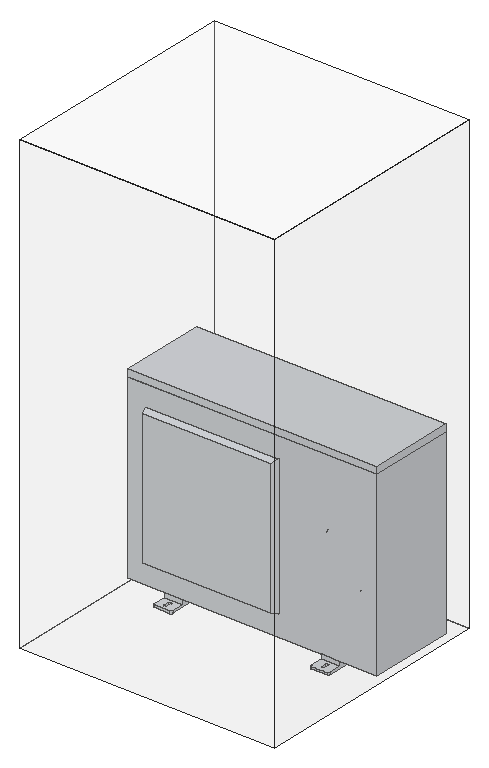
Revit family "puzg-mp3_10m_2_60hz", category 機械設備, Revit 2019
Family settings
  丸型コネクタ寸法 = 直径を使用
  パーツ タイプ = 標準
  OmniClass 番号 = 23.75.10.24.21.27.27
  OmniClass タイトル = Split System Air Conditioning Units
  作業面ベース = いいえ
  常に垂直 = はい
  ロード時にボイドで切り取り = いいえ
  共有 = いいえ
  部屋計算ポイント = いいえ
Parameters (values of type "室外機_PUG-MP3MHA2")
  音響パワーレベル（暖）(dB) = 0
  音響パワーレベル（冷）(dB) = 68
  電源種別 = ""
  電源位置Y = 2 mm
  電源位置Z = 459 mm
  電源位置X = 275 mm
  電圧 = 200 V
  電動機出力_送風機 = 0.15 kW
  電動機出力_圧縮機 = 2 kW
  集中コントローラ [instance] = ""
  運転質量 = 0.00 kg
  運転方法 = "冷房専用"
  質量 = if(製品質量 > 運転質量, 製品質量, 運転質量) * 1.2  # 70.80 kg
  負荷分類 = 1_熱源類
  説明 = "空冷H/P PAC インバータ室外機"
  設計暖房能力 [instance] = 0 kW
  設計冷房能力_顕熱 [instance] = 0 kW
  設計冷房能力 [instance] = 0 kW
  設置方法 = "床置形"
  記号 [instance] = ""
  製造元 = "三菱電機株式会社"
  製品質量 = 59.00 kg
  製品出荷対象 = "国内"
  製品リリース年月 = ""
  製品グループ = ""
  系統 [instance] = ""
  符号 = "PAC"
  積算_科目 = "1 空気調和設備"
  積算_拾い区分 [instance] = ""
  相 = 3
  盤記号 [instance] = ""
  発停方法 = "付属スイッチ"
  特殊仕様 [instance] = ""
  消費電力_暖房 = 0 kW
  消費電力_冷房 = 0 kW
  消費電力 = if(消費電力_冷房 > 消費電力_暖房, 消費電力_冷房, 消費電力_暖房)  # 0 kW
  法定耐用年数 = "6"
  構成品番 = "PUG-MP3MHA2"
  極数 = 3
  材質 [instance] = ""
  本体マテリアル = none
  最小電線太さ_mm2 = 1.6
  最大電流値 = 15 A
  暖房能力 = 0 kW
  推奨ブレーカー容量 = 20 A
  据付ピッチ1 = 0 mm
  形式 = "パッケージ形 室外機"
  形名 = PUZG-MP3MHA2 : PUZG-MP3MHA2
  幹線記号 [instance] = ""
  始動方式 = "インバータ始動方式"
  呼称 = "パッケージ形空気調和機_室外機"
  周波数 = 60 Hz
  価格 = 0
  ドレン　位置Z = 23 mm
  ドレン　位置Y = 111 mm
  ドレン　位置X = 30 mm
  アンカーボルト位置Y = 370 mm
  アンカーボルト位置X = 600 mm
  参照している仕様書等のバージョン = "公共建築物標準仕様書（機械設備工事編）平成31年度版"
  分類コード = "50053003126100"
  分類グループ = ""
  冷房能力 = 8 kW
  冷媒管（ガス）位置X = 434 mm
  冷媒管（液）位置X = 377 mm
  冷媒管（液）位置Y = 290 mm
  冷媒管（ガス）位置Y = 269 mm
  冷媒管長 [instance] = 0 mm
  冷媒管径符号 = "Bd"
  冷媒管径 = 100.00 mm
  冷媒管位置Z = 295 mm
  冷媒管位置Y = (冷媒管（液）位置Y + 冷媒管（ガス）位置Y) / 2  # 279.5 mm
  冷媒管位置X = (冷媒管（液）位置X + 冷媒管（ガス）位置X) / 2  # 405.5 mm
  冷媒液管径 = 9.52 mm
  冷媒ガス管径 = 15.88 mm
  企業コード = "108420"
  付属品 [instance] = ""
  仕様書バージョン = "Version1.0"
  ユニット数 = 1
  ユニット3 = yes
  ユニット2 = yes
  Model = ""
  ドレン管径 = 33.00 mm
  サービススペース = yes
  コメント [instance] = ""
  ケーブル種類1 = ""
  【値が 0 の項目は組合せ形名にてご確認ください】 = ""
  Width = 950 mm
  Version = ""
  Uniclass2015Version = "Systems v1.9"
  Uniclass2015Title = "Split coil remote air cooled condensing units"
  Uniclass2015Code = "Pr_70_65_03_84"
  URL = "https://www.mitsubishielectric.co.jp/ldg/wink/ssl/displayProduct.do?pid=311534&ccd=2020103123"
  SpecificationReference = ""
  SpecificationDescription = ""
  Revision = ""
  ProductInformation = ""
  OmniClassCode = "23-33 17 13 11"
  IfcTypeProduct = ""
  IfcProduct = ""
  IfcExportType = "AIRCONDITIONINGUNIT"
  IfcExportAs = "IfcUnitaryEquipmentType"
  Height = 740 mm
  Depth = 330 mm
  Clearance Top = 1000 mm
  Clearance Right = 10 mm
  Clearance Left = 10 mm
  Clearance Front = 500 mm
  Clearance Bottom = 0 mm
  Clearance Back = 100 mm
  COP = 0
  Author = "三菱電機株式会社"
  APF = 0
Reference planes
  plane 1 "中心(正面/背面)": y = 74
  plane 2: z = 0
  plane 3 "中心(左/右)": x = 830
  plane 4 "右": x = 1305
  plane 5 "左": x = 355
  plane 6 "背面": y = 239
  plane 7 "正面": y = -91
  plane 8 "上部": z = 740
  plane 9 "Clearanse Top": z = 1740
  plane 10 "SS_back": y = 339
  plane 11 "SS_front": y = -591
  plane 12 "SS_left": x = 345
  plane 13 "SS_right": x = 1315
  plane 14: z = 0
  plane 15: y = -89
  plane 16: x = 1105
  plane 17: z = 459
  plane 18: y = -87
  plane 19: y = -40.5
  plane 20: x = 1235.5
  plane 21: z = 295
  plane 22: z = 297
  plane 23: y = 128
  plane 24: x = 385
  plane 25: z = 25
  plane 26: z = 23
  plane 27: x = 530
  plane 28: x = 1130
  plane 29: y = 259
  plane 30: y = -111
Forms (mm)
  Extrusion 1, solid, detail levels fine
    sketch origin (0, -91, 0) x (1, 0, 0) y (0, 0, 1)
      loop
        circle (1105, 459) r 13.5
    from -4 to -2
  Extrusion 2, solid, detail levels fine
    sketch origin (-1437.329, -1524, 54) x (-1, 0, 0) y (0, -1, 0)
      loop
        circle (-2672.829, -1483.5) r 50
    from 241 to 243
Lines and regions (mm)
  model lines, not visible
    curve 1: line (460, 178.667, 1289.179) -> (460, 297.73, 1289.179)
    curve 2: line (460, 178.667, 1056.056) -> (460, 178.667, 1289.179)
    curve 3: line (460, 297.73, 1056.056) -> (460, 178.667, 1056.056)
    curve 4: line (460, 297.73, 1289.179) -> (460, 297.73, 1056.056)
    curve 5: line (460, 47.598, 1289.179) -> (460, 166.661, 1289.179)
    curve 6: line (460, 47.598, 1056.056) -> (460, 47.598, 1289.179)
    curve 7: line (460, 166.661, 1056.056) -> (460, 47.598, 1056.056)
    curve 8: line (460, 166.661, 1289.179) -> (460, 166.661, 1056.056)
    curve 9: line (460, -83.471, 1289.179) -> (460, 35.592, 1289.179)
    curve 10: line (460, -83.471, 1056.056) -> (460, -83.471, 1289.179)
    curve 11: line (460, 35.592, 1056.056) -> (460, -83.471, 1056.056)
    curve 12: line (460, 35.592, 1289.179) -> (460, 35.592, 1056.056)
    curve 13: line (460, -150.779, 1289.179) -> (460, -95.75, 1289.179)
    curve 14: line (460, -150.779, 1056.056) -> (460, -150.779, 1289.179)
    curve 15: line (460, -95.75, 1056.056) -> (460, -150.779, 1056.056)
    curve 16: line (460, -95.75, 1289.179) -> (460, -95.75, 1056.056)
    curve 17: line (460, -150.779, 1283.175) -> (460, -132.596, 1283.175)
    curve 18: line (460, -150.779, 1062.059) -> (460, -150.779, 1283.175)
    curve 19: line (460, -132.596, 1062.059) -> (460, -150.779, 1062.059)
    curve 20: line (460, -132.596, 1283.175) -> (460, -132.596, 1062.059)
    curve 21: line (460, 178.667, 1046.051) -> (460, 297.73, 1046.051)
    curve 22: line (460, 178.667, 812.928) -> (460, 178.667, 1046.051)
    curve 23: line (460, 297.73, 812.928) -> (460, 178.667, 812.928)
    curve 24: line (460, 297.73, 1046.051) -> (460, 297.73, 812.928)
    curve 25: line (460, 47.598, 1046.051) -> (460, 166.661, 1046.051)
    curve 26: line (460, 47.598, 812.928) -> (460, 47.598, 1046.051)
    curve 27: line (460, 166.661, 812.928) -> (460, 47.598, 812.928)
    curve 28: line (460, 166.661, 1046.051) -> (460, 166.661, 812.928)
    curve 29: line (460, -83.471, 1046.051) -> (460, 35.592, 1046.051)
    curve 30: line (460, -83.471, 812.928) -> (460, -83.471, 1046.051)
    curve 31: line (460, 35.592, 812.928) -> (460, -83.471, 812.928)
    curve 32: line (460, 35.592, 1046.051) -> (460, 35.592, 812.928)
    curve 33: line (460, -150.779, 1046.051) -> (460, -95.75, 1046.051)
    curve 34: line (460, -150.779, 812.928) -> (460, -150.779, 1046.051)
    curve 35: line (460, -95.75, 812.928) -> (460, -150.779, 812.928)
    curve 36: line (460, -95.75, 1046.051) -> (460, -95.75, 812.928)
    curve 37: line (460, -150.779, 1040.048) -> (460, -132.596, 1040.048)
    curve 38: line (460, -150.779, 818.931) -> (460, -150.779, 1040.048)
    curve 39: line (460, -132.596, 818.931) -> (460, -150.779, 818.931)
    curve 40: line (460, -132.596, 1040.048) -> (460, -132.596, 818.931)
    curve 41: line (460, 178.667, 802.923) -> (460, 297.73, 802.923)
    curve 42: line (460, 178.667, 569.8) -> (460, 178.667, 802.923)
    curve 43: line (460, 297.73, 569.8) -> (460, 178.667, 569.8)
    curve 44: line (460, 297.73, 802.923) -> (460, 297.73, 569.8)
    curve 45: line (460, 47.598, 802.923) -> (460, 166.661, 802.923)
    curve 46: line (460, 47.598, 569.8) -> (460, 47.598, 802.923)
    curve 47: line (460, 166.661, 569.8) -> (460, 47.598, 569.8)
    curve 48: line (460, 166.661, 802.923) -> (460, 166.661, 569.8)
    curve 49: line (460, -83.471, 802.923) -> (460, 35.592, 802.923)
    curve 50: line (460, -83.471, 569.8) -> (460, -83.471, 802.923)
    curve 51: line (460, 35.592, 569.8) -> (460, -83.471, 569.8)
    curve 52: line (460, 35.592, 802.923) -> (460, 35.592, 569.8)
    curve 53: line (460, -150.779, 802.923) -> (460, -95.75, 802.923)
    curve 54: line (460, -150.779, 569.8) -> (460, -150.779, 802.923)
    curve 55: line (460, -95.75, 569.8) -> (460, -150.779, 569.8)
    curve 56: line (460, -95.75, 802.923) -> (460, -95.75, 569.8)
    curve 57: line (460, -150.779, 796.92) -> (460, -132.596, 796.92)
    curve 58: line (460, -150.779, 575.803) -> (460, -150.779, 796.92)
    curve 59: line (460, -132.596, 575.803) -> (460, -150.779, 575.803)
    curve 60: line (460, -132.596, 796.92) -> (460, -132.596, 575.803)
    curve 61: line (460, 178.667, 559.795) -> (460, 297.73, 559.795)
    curve 62: line (460, 178.667, 326.672) -> (460, 178.667, 559.795)
    curve 63: line (460, 297.73, 326.672) -> (460, 178.667, 326.672)
    curve 64: line (460, 297.73, 559.795) -> (460, 297.73, 326.672)
    curve 65: line (460, 47.598, 559.795) -> (460, 166.661, 559.795)
    curve 66: line (460, 47.598, 326.672) -> (460, 47.598, 559.795)
    curve 67: line (460, 166.661, 326.672) -> (460, 47.598, 326.672)
    curve 68: line (460, 166.661, 559.795) -> (460, 166.661, 326.672)
    curve 69: line (460, -83.471, 559.795) -> (460, 35.592, 559.795)
    curve 70: line (460, -83.471, 326.672) -> (460, -83.471, 559.795)
    curve 71: line (460, 35.592, 326.672) -> (460, -83.471, 326.672)
    curve 72: line (460, 35.592, 559.795) -> (460, 35.592, 326.672)
    curve 73: line (460, -150.779, 559.795) -> (460, -95.75, 559.795)
    curve 74: line (460, -150.779, 326.672) -> (460, -150.779, 559.795)
    curve 75: line (460, -95.75, 326.672) -> (460, -150.779, 326.672)
    curve 76: line (460, -95.75, 559.795) -> (460, -95.75, 326.672)
    curve 77: line (460, -150.779, 553.792) -> (460, -132.596, 553.792)
    curve 78: line (460, -150.779, 332.675) -> (460, -150.779, 553.792)
    curve 79: line (460, -132.596, 332.675) -> (460, -150.779, 332.675)
    curve 80: line (460, -132.596, 553.792) -> (460, -132.596, 332.675)
    curve 81: line (460, 178.667, 316.667) -> (460, 297.73, 316.667)
    curve 82: line (460, 178.667, 83.544) -> (460, 178.667, 316.667)
    curve 83: line (460, 297.73, 83.544) -> (460, 178.667, 83.544)
    curve 84: line (460, 297.73, 316.667) -> (460, 297.73, 83.544)
    curve 85: line (460, 47.598, 316.667) -> (460, 166.661, 316.667)
    curve 86: line (460, 47.598, 83.544) -> (460, 47.598, 316.667)
    curve 87: line (460, 166.661, 83.544) -> (460, 47.598, 83.544)
    curve 88: line (460, 166.661, 316.667) -> (460, 166.661, 83.544)
    curve 89: line (460, -83.471, 316.667) -> (460, 35.592, 316.667)
    curve 90: line (460, -83.471, 83.544) -> (460, -83.471, 316.667)
    curve 91: line (460, 35.592, 83.544) -> (460, -83.471, 83.544)
    curve 92: line (460, 35.592, 316.667) -> (460, 35.592, 83.544)
    curve 93: line (460, -150.779, 316.667) -> (460, -95.75, 316.667)
    curve 94: line (460, -150.779, 83.544) -> (460, -150.779, 316.667)
    curve 95: line (460, -95.75, 83.544) -> (460, -150.779, 83.544)
    curve 96: line (460, -95.75, 316.667) -> (460, -95.75, 83.544)
    curve 97: line (460, -150.779, 310.664) -> (460, -132.596, 310.664)
    curve 98: line (460, -150.779, 89.547) -> (460, -150.779, 310.664)
    curve 99: line (460, -132.596, 89.547) -> (460, -150.779, 89.547)
    curve 100: line (460, -132.596, 310.664) -> (460, -132.596, 89.547)
Dimensions and locks
  equal spacing: plane 7 "正面", plane 1 "中心(正面/背面)", plane 6 "背面"
  "Depth": plane 7 "正面" to plane 6 "背面"
  equal spacing: plane 5 "左", plane 3 "中心(左/右)", plane 4 "右"
  "Clearance Left": plane 12 "SS_left" to plane 5 "左"
  "Clearance Right": plane 4 "右" to plane 13 "SS_right"
  "Clearance Back": plane 6 "背面" to plane 10 "SS_back"
  "Clearance Front": plane 11 "SS_front" to plane 7 "正面"
  "Height": plane 8 "上部" to level
  "Clearance Top": plane 9 "Clearanse Top" to plane 8 "上部"
  "Clearance Bottom": level to plane 14
  "電源位置X": plane 3 "中心(左/右)" to plane 16
  "電源位置Y": plane 7 "正面" to plane 15
  "電源位置Z": plane 17 to level
  locked: plane 15 to plane 18 at 2
  "冷媒管位置X": plane 3 "中心(左/右)" to plane 20
  "冷媒管位置Y": plane 19 to plane 6 "背面"
  "冷媒管位置Z": plane 21 to level
  locked: plane 22 to plane 21 at 2
  "ドレン　位置X": plane 5 "左" to plane 24
  "ドレン　位置Y": plane 23 to plane 6 "背面"
  locked: plane 25 to plane 26 at 2
  "ドレン　位置Z": plane 26 to level
  equal spacing: plane 30, plane 1 "中心(正面/背面)", plane 29
  "アンカーボルト位置Y": plane 30 to plane 29
  equal spacing: plane 27, plane 3 "中心(左/右)", plane 28
  "アンカーボルト位置X": plane 27 to plane 28
  "Width": plane 4 "右" to plane 5 "左"
  plane 17 to level = 459 mm
  Extrusion 2 to level = 295 mm
  radius of Extrusion 1 sketch curve = 13.5 mm
  "冷媒管径": diameter of Extrusion 2 sketch curve
  aligned and locked: level to plane 2
  aligned and locked: plane 10 "SS_back" to nested 1  (x2)
  aligned and locked: plane 13 "SS_right" to nested 1
  aligned and locked: plane 12 "SS_left" to nested 1  (x2)
  aligned and locked: nested 1 to plane 13 "SS_right"
  aligned and locked: plane 11 "SS_front" to nested 1
  aligned and locked: plane 9 "Clearanse Top" to nested 1
  aligned and locked: plane 1 "中心(正面/背面)" to nested 2
  aligned and locked: plane 3 "中心(左/右)" to nested 2
  aligned and locked: plane 14 to nested 1
  aligned and locked: plane 17 to Extrusion 1 sketch curve
  aligned and locked: plane 16 to Extrusion 1 sketch curve
  aligned and locked: Extrusion 1 to plane 18
  aligned and locked: plane 15 to Extrusion 1
  aligned and locked: plane 19 to Extrusion 2 sketch curve
  aligned and locked: plane 20 to Extrusion 2 sketch curve
  aligned and locked: plane 22 to Extrusion 2
  aligned and locked: Extrusion 2 to plane 21
  aligned and locked: plane 27 to nested 3
  aligned and locked: plane 29 to nested 3
Nested families
  nested 1: "サービススペース" at (830, -126, 870), visible <- "サービススペース", type "サービススペース"
    with Width 970 mm, Height 1740 mm, Depth 930 mm
  nested 2: "PUZG-MP3MHA2" at (830, 74, 0), type <- "形名", type "PUZG-MP3MHA2"
  nested 3: "固定点" at (530, -111, 0), type "固定点"
    with W 600 mm, D 370 mm
Connectors
  piping at (1235.5, -40.5, 295), diameter 100, driven by "冷媒管径", driven by "冷媒管径符号"
    settings: on Extrusion 2, index 1, connector inside diameter 609.60 mm, connector length 0 mm, flow factor 0, pipe flow 0.0 L/s, pressure drop 0.0 Pa, fitting loss kfactor 0, connector angle 0.00°, fixture units 0, engagement length 0 mm, angle of deflection 0.00°, flow configuration 1, flow direction 2, fitting loss method 4, system type 7, joint type 0, gender type 0, connector reference index -1, connector utility 0, adjustable connector no, is connector primary yes, connector description "Bd"
  electrical at (1105, -89, 459), driven by "極数", driven by "負荷分類", driven by "電圧", driven by "消費電力"
    settings: on Extrusion 1, index 2, voltage 200 V, apparent load 0 VA, apparent load phase1 0 VA, apparent load phase2 0 VA, apparent load phase3 0 VA, power factor 1, load classification "1_熱源類", number of poles 3, system type 30, power factor state 1, is connector primary yes, connector utility no, sub classification motor no, connector description ""
Definition of nested family "サービススペース"
  Parameters (values of type "サービススペース")
    Width [instance] = 500 mm
    Height [instance] = 500 mm
    Depth [instance] = 500 mm
  Reference planes
    plane 1 "中心(正面/背面)": y = 0
    plane 2: z = 0
    plane 3 "中心(左/右)": x = 0
    plane 4: y = -250
    plane 5: x = 250
    plane 6: y = 250
    plane 7: x = -250
    plane 8: z = 250
    plane 9: z = -250
  Forms (mm)
    Extrusion 1, solid
      sketch origin (-638.939, 0, 72.39) x (1, 0, 0) y (0, 1, 0)
        loop
          line (388.939, 250) -> (388.939, -250) -> (888.939, -250) -> (888.939, 250) -> (388.939, 250)
      from -322.39 to 177.61
  Lines and regions (mm)
    symbolic lines
      curve 1: line (-250, 0, 250) -> (250, 0, 250)
      curve 2: line (-250, 0, -250) -> (-250, 0, 250)
      curve 3: line (250, 0, -250) -> (-250, 0, -250)
      curve 4: line (250, 0, 250) -> (250, 0, -250)
      curve 5: line (0, -250, 250) -> (0, 250, 250)
      curve 6: line (0, -250, -250) -> (0, -250, 250)
      curve 7: line (0, 250, -250) -> (0, -250, -250)
      curve 8: line (0, 250, 250) -> (0, 250, -250)
      curve 9: line (-250, 250, 0) -> (250, 250, 0)
      curve 10: line (-250, -250, 0) -> (-250, 250, 0)
      curve 11: line (250, -250, 0) -> (-250, -250, 0)
      curve 12: line (250, 250, 0) -> (250, -250, 0)
  Dimensions and locks
    equal spacing: plane 7, plane 3 "中心(左/右)", plane 5
    equal spacing: plane 4, plane 1 "中心(正面/背面)", plane 6
    "Depth": plane 4 to plane 6
    "Width": plane 7 to plane 5
    equal spacing: plane 8, plane 2, plane 9
    "Height": plane 8 to plane 9
    aligned and locked: plane 9 to curve 3
    aligned and locked: plane 7 to curve 2
    aligned and locked: curve 4 to plane 5
    aligned and locked: plane 5 to Extrusion 1
    aligned and locked: Extrusion 1 to plane 7
    aligned and locked: Extrusion 1 to plane 9
    aligned and locked: plane 8 to Extrusion 1
    aligned and locked: plane 9 to curve 7
  Automatic sketch dimensions
    plane 4 to Extrusion 1 sketch curve = 0 mm
    Extrusion 1 sketch curve to plane 7 = 0 mm
    Extrusion 1 sketch curve to plane 5 = 0 mm
    plane 6 to Extrusion 1 sketch curve = 0 mm
    curve 2 to plane 8 = 0 mm
    plane 4 to curve 11 = 0 mm
    curve 11 to plane 7 = 0 mm
    curve 11 to plane 5 = 0 mm
    plane 6 to curve 10 = 0 mm
    curve 7 to plane 4 = 0 mm
    curve 7 to plane 6 = 0 mm
    curve 6 to plane 8 = 0 mm
Definition of nested family "PUZG-MP3MHA2"
  Parameters (values of type "PUZG-MP3MHA2")
    配線取出口サイズ = 27 mm
    配線取出口-Z = 459 mm
    配線取出口-Y = 325 mm
    配線取出口-X = 275 mm
    液配管サイズ = 100 mm
    高さ = 740 mm
    換気-W = 322 mm
    換気-H2 = 632 mm
    換気-H1 = 371 mm
    換気-D = 25 mm
    奥行き = 330 mm
    吊りボルト_H = 0 mm
    吊りボルト-φ = 12 mm
    冷媒配管サイズ = 9.52 mm
    冷媒液管径-Z = 295 mm
    冷媒液管径-Y = 290 mm
    冷媒液管径-X = 377 mm
    冷媒ガス管径-Z = 281 mm
    冷媒ガス管径-Y = 269 mm
    冷媒ガス管径-X = 434 mm
    吊りボルト-W = 600 mm
    マテリアル = none
    ドレン配管サイズ = 33 mm
    ドレン管径-Z = 0 mm
    ドレン管径-Y = 219 mm
    ドレン管径-X = 445 mm
    タイプ3 = no
    タイプ2 = yes
    タイプ1 = no
    ガス配管サイズ = 15.88 mm
    吊りボルト-D = 370 mm
    幅さ = 950 mm
    a = 幅さ / 2  # 475 mm
  Reference planes
    plane 1 "中心(正面/背面)": y = 0
    plane 2: z = 0
    plane 3 "中心(左/右)": x = 0
    plane 4: z = 740
    plane 5: x = -475
    plane 6: x = 475
    plane 7: y = 165
    plane 8: y = -165
    plane 9: x = 537
    plane 10: y = -105
    plane 11: y = 5
    plane 12: z = 715
    plane 13: x = -495
    plane 14: x = -300
    plane 15: x = 300
    plane 16: y = 185
    plane 17: y = -185
    plane 18: x = 335
    plane 19: x = 265
    plane 20: x = -265
    plane 21: x = -335
    plane 22: y = 204
    plane 23: y = -218
    plane 24: z = 8.5
    plane 25: z = 25
    plane 26: z = 23
    plane 27: x = -185
    plane 28: x = 170
    plane 29: z = 735
    plane 30: y = -40
    plane 31: y = 40
    plane 32: y = -30
    plane 33: y = 30
    plane 34: z = 720
    plane 35: z = 55
    plane 36: z = 225
    plane 37: z = 570
    plane 38: x = 485
    plane 39: x = 506
    plane 40: y = -190
    plane 41: x = -153
    plane 42: z = 371
    plane 43: x = 101
    plane 44: x = -407
    plane 45: z = 635
    plane 46: z = 107
    plane 47: x = -397
    plane 48: x = 91
    plane 49: z = 625
    plane 50: z = 117
    plane 51: y = 115
    plane 52: y = -115
    plane 53: y = 54
    plane 54: x = 434
    plane 55: x = 275
    plane 56: y = -160
    plane 57: y = -125
    plane 58: y = -104
    plane 59: x = 377
    plane 60: z = 281
    plane 61: z = 295
    plane 62: z = 459
    plane 63: y = -110
    plane 64: z = 381
    plane 65: z = 395
    plane 66: x = 405.5
    plane 67: y = -114.5
    plane 68 "グループ": x = -475
    plane 69: z = 1338
    plane 70: z = 943
    plane 71: z = 1003
    plane 72: z = 1267
    plane 73: z = 739
    plane 74: z = 1257
    plane 75: z = 749
    plane 76: x = -445
    plane 77: y = 135
    plane 78: x = -225
    plane 79: x = -80
    plane 80: x = 65
    plane 81: x = 210
  Forms (mm)
    Extrusion 1, solid, visible <- "タイプ2", detail levels fine
      sketch origin (-1437.329, -1524, 740) x (-1, 0, 0) y (0, -1, 0)
        loop
          line (-1102.329, -1689) -> (-1102.329, -1359) -> (-1172.329, -1359) -> (-1172.329, -1689) -> (-1102.329, -1689)
        loop
          line (-1702.329, -1689) -> (-1702.329, -1359) -> (-1772.329, -1359) -> (-1772.329, -1689) -> (-1702.329, -1689)
      from -740 to -715
    Extrusion 2, solid, material <- "マテリアル", visible <- "タイプ2", detail levels fine
      sketch origin (-1437.329, -1524, 740) x (-1, 0, 0) y (0, -1, 0)
        loop
          line (-1912.329, -1689) -> (-962.329, -1689) -> (-962.329, -1359) -> (-1912.329, -1359) -> (-1912.329, -1689)
      from -715 to -25
    Extrusion 3, solid, material <- "マテリアル", visible <- "タイプ2", detail levels fine
      sketch origin (-1437.329, -1524, 740) x (-1, 0, 0) y (0, -1, 0)
        loop
          line (-962.329, -1689) -> (-962.329, -1359) -> (-1912.329, -1359) -> (-1912.329, -1689) -> (-962.329, -1689)
      from -25 to 0
    Blend 4, solid, material <- "マテリアル", visible <- "タイプ2", detail levels fine
      base sketch origin (0, 0, 0) x (1, 0, 0) y (0, 0, 1)
        loop
          line (-407, 635) -> (-407, 107) -> (101, 107) -> (101, 635) -> (-407, 635)
      top sketch origin (0, 0, 0) x (1, 0, 0) y (0, 0, 1)
        loop
          line (-397, 625) -> (-397, 117) -> (91, 117) -> (91, 625) -> (-397, 625)
      from 165 to 190
    Extrusion 5, solid, material <- "マテリアル", visible <- "タイプ2", detail levels fine
      sketch origin (-1437.329, -1524, 740) x (-1, 0, 0) y (0, -1, 0)
        loop
          circle (-1871.329, -1420) r 7.94
      from -459 to -359
    Extrusion 6, solid, material <- "マテリアル", visible <- "タイプ2", detail levels fine
      sketch origin (-1437.329, -1524, 740) x (-1, 0, 0) y (0, -1, 0)
        loop
          circle (-1814.329, -1399) r 4.76
      from -445 to -345
    Extrusion 7, solid, material <- "マテリアル", visible <- "タイプ2", detail levels fine
      sketch origin (1480.036, -190, 1200) x (1, 0, 0) y (0, 0, 1)
        loop
          circle (-1205.036, -741) r 13.5
      from -80 to -30
    Extrusion 8, solid, material <- "マテリアル", visible <- "タイプ2", detail levels fine
      sketch origin (-1437.329, -1524, 740) x (-1, 0, 0) y (0, -1, 0)
        loop
          circle (-1842.829, -1409.5) r 50
      from -445 to -345
    Extrusion 9, solid, visible <- "タイプ2", detail levels fine
      sketch origin (-1437.329, -1524, 740) x (-1, 0, 0) y (0, -1, 0)
        loop
          line (-1102.329, -1728) -> (-1102.329, -1689) -> (-1172.329, -1689) -> (-1172.329, -1728) -> (-1143.329, -1728) -> (-1143.329, -1709)
          arc (-1143.329, -1709) -> (-1137.329, -1703) -> (-1131.329, -1709) r 6
          line (-1131.329, -1709) -> (-1131.329, -1728) -> (-1102.329, -1728)
        loop
          line (-1102.329, -1359) -> (-1102.329, -1311)
          arc (-1102.329, -1311) -> (-1103.794, -1307.464) -> (-1107.329, -1306) r 5
          line (-1107.329, -1306) -> (-1167.329, -1306)
          arc (-1167.329, -1306) -> (-1170.865, -1307.464) -> (-1172.329, -1311) r 5
          line (-1172.329, -1311) -> (-1172.329, -1359) -> (-1102.329, -1359)
        loop
          arc (-1143.329, -1339) -> (-1137.329, -1345) -> (-1131.329, -1339) r 6
          line (-1131.329, -1339) -> (-1131.329, -1324)
          arc (-1131.329, -1324) -> (-1137.329, -1318) -> (-1143.329, -1324) r 6
          line (-1143.329, -1324) -> (-1143.329, -1339)
        loop
          line (-1772.329, -1728) -> (-1743.329, -1728) -> (-1743.329, -1709)
          arc (-1743.329, -1709) -> (-1737.329, -1703) -> (-1731.329, -1709) r 6
          line (-1731.329, -1709) -> (-1731.329, -1728) -> (-1702.329, -1728) -> (-1702.329, -1689) -> (-1772.329, -1689) -> (-1772.329, -1728)
        loop
          line (-1772.329, -1359) -> (-1702.329, -1359) -> (-1702.329, -1311)
          arc (-1702.329, -1311) -> (-1703.794, -1307.464) -> (-1707.329, -1306) r 5
          line (-1707.329, -1306) -> (-1767.329, -1306)
          arc (-1767.329, -1306) -> (-1770.865, -1307.464) -> (-1772.329, -1311) r 5
          line (-1772.329, -1311) -> (-1772.329, -1359)
        loop
          line (-1731.329, -1339) -> (-1731.329, -1324)
          arc (-1731.329, -1324) -> (-1737.329, -1318) -> (-1743.329, -1324) r 6
          line (-1743.329, -1324) -> (-1743.329, -1339)
          arc (-1743.329, -1339) -> (-1737.329, -1345) -> (-1731.329, -1339) r 6
      from -740 to -731.5
    Extrusion 10, solid, material <- "マテリアル", visible <- "タイプ2", detail levels fine
      sketch origin (-1437.329, -1524, 740) x (-1, 0, 0) y (0, -1, 0)
        loop
          circle (-992.329, -1578) r 16.5
        loop
          circle (-1212.329, -1659) r 16.5
        loop
          circle (-1357.329, -1659) r 16.5
        loop
          circle (-1502.329, -1659) r 16.5
        loop
          circle (-1647.329, -1659) r 16.5
      from -717 to -715
  Cuts and joins
    joined: Extrusion 1, Extrusion 9
  Lines and regions (mm)
    Masking region 1, visible <- "タイプ2", detail levels coarse+medium
      outline origin (-1437.329, -1524, 740) x (-1, 0, 0) y (0, -1, 0)
        loop
          line (-1912.329, -1689) -> (-1772.329, -1689) -> (-1772.329, -1728) -> (-1702.329, -1728) -> (-1702.329, -1689) -> (-1172.329, -1689) -> (-1172.329, -1728) -> (-1102.329, -1728) -> (-1102.329, -1689) -> (-962.329, -1689) -> (-962.329, -1359) -> (-1030.329, -1359) -> (-1040.329, -1334) -> (-1102.329, -1334) -> (-1102.329, -1306) -> (-1172.329, -1306) -> (-1172.329, -1334) -> (-1528.329, -1334) -> (-1538.329, -1359) -> (-1702.329, -1359) -> (-1702.329, -1306) -> (-1772.329, -1306) -> (-1772.329, -1359) -> (-1912.329, -1359) -> (-1912.329, -1689)
    model lines, visible <- "タイプ2", detail levels fine
      curve 1: line (-397, -190, 418.5) -> (91, -190, 418.5)
      curve 2: line (91, -190, 323.5) -> (-397, -190, 323.5)
      curve 3: line (-397, -190, 513.5) -> (91, -190, 513.5)
      curve 4: line (-397, -190, 608.5) -> (91, -190, 608.5)
      curve 5: line (91, -190, 228.5) -> (-397, -190, 228.5)
      curve 6: line (91, -190, 133.5) -> (-397, -190, 133.5)
      curve 7: line (-379.571, -190, 625) -> (-379.571, -190, 117)
      curve 8: line (73.571, -190, 117) -> (73.571, -190, 625)
      curve 9: line (-362.143, -190, 625) -> (-362.143, -190, 117)
      curve 10: line (-344.714, -190, 625) -> (-344.714, -190, 117)
      curve 11: line (-327.286, -190, 625) -> (-327.286, -190, 117)
      curve 12: line (-309.857, -190, 625) -> (-309.857, -190, 117)
      curve 13: line (-292.429, -190, 625) -> (-292.429, -190, 117)
      curve 14: line (-275, -190, 625) -> (-275, -190, 117)
      curve 15: line (-257.571, -190, 625) -> (-257.571, -190, 117)
      curve 16: line (-240.143, -190, 625) -> (-240.143, -190, 117)
      curve 17: line (-222.714, -190, 625) -> (-222.714, -190, 117)
      curve 18: line (-205.286, -190, 625) -> (-205.286, -190, 117)
      curve 19: line (-187.857, -190, 625) -> (-187.857, -190, 117)
      curve 20: line (-170.429, -190, 625) -> (-170.429, -190, 117)
      curve 21: line (-153, -190, 625) -> (-153, -190, 117)
      curve 22: line (-135.571, -190, 625) -> (-135.571, -190, 117)
      curve 23: line (-118.143, -190, 625) -> (-118.143, -190, 117)
      curve 24: line (-100.714, -190, 625) -> (-100.714, -190, 117)
      curve 25: line (-83.286, -190, 625) -> (-83.286, -190, 117)
      curve 26: line (-65.857, -190, 625) -> (-65.857, -190, 117)
      curve 27: line (-48.429, -190, 625) -> (-48.429, -190, 117)
      curve 28: line (-31, -190, 625) -> (-31, -190, 117)
      curve 29: line (-13.571, -190, 625) -> (-13.571, -190, 117)
      curve 30: line (3.857, -190, 625) -> (3.857, -190, 117)
      curve 31: line (21.286, -190, 625) -> (21.286, -190, 117)
      curve 32: line (38.714, -190, 625) -> (38.714, -190, 117)
      curve 33: line (56.143, -190, 625) -> (56.143, -190, 117)
      curve 34: line (-475, -100, 33.5) -> (-475, -60, 33.5)
      curve 35: line (-475, -100, 73.5) -> (-475, -100, 33.5)
      curve 36: line (-475, -60, 73.5) -> (-475, -100, 73.5)
      curve 37: line (-475, -60, 33.5) -> (-475, -60, 73.5)
      curve 38: line (-475, 60, 33.5) -> (-475, 100, 33.5)
      curve 39: line (-475, 60, 73.5) -> (-475, 60, 33.5)
      curve 40: line (-475, 100, 73.5) -> (-475, 60, 73.5)
      curve 41: line (-475, 100, 33.5) -> (-475, 100, 73.5)
      curve 42: line (-475, -46.667, 33.5) -> (-475, -6.667, 33.5)
      curve 43: line (-475, -46.667, 73.5) -> (-475, -46.667, 33.5)
      curve 44: line (-475, -6.667, 73.5) -> (-475, -46.667, 73.5)
      curve 45: line (-475, -6.667, 33.5) -> (-475, -6.667, 73.5)
      curve 46: line (-475, 6.667, 33.5) -> (-475, 46.667, 33.5)
      curve 47: line (-475, 6.667, 73.5) -> (-475, 6.667, 33.5)
      curve 48: line (-475, 46.667, 73.5) -> (-475, 6.667, 73.5)
      curve 49: line (-475, 46.667, 33.5) -> (-475, 46.667, 73.5)
      curve 50: line (-475, -100, 87) -> (-475, -60, 87)
      curve 51: line (-475, -100, 277) -> (-475, -100, 87)
      curve 52: line (-475, -60, 277) -> (-475, -100, 277)
      curve 53: line (-475, -60, 87) -> (-475, -60, 277)
      curve 54: line (-475, -100, 292) -> (-475, -60, 292)
      curve 55: line (-475, -100, 482) -> (-475, -100, 292)
      curve 56: line (-475, -60, 482) -> (-475, -100, 482)
      curve 57: line (-475, -60, 292) -> (-475, -60, 482)
      curve 58: line (-475, -100, 497) -> (-475, -60, 497)
      curve 59: line (-475, -100, 687) -> (-475, -100, 497)
      curve 60: line (-475, -60, 687) -> (-475, -100, 687)
      curve 61: line (-475, -60, 497) -> (-475, -60, 687)
      curve 62: line (-475, 60, 87) -> (-475, 100, 87)
      curve 63: line (-475, 60, 277) -> (-475, 60, 87)
      curve 64: line (-475, 100, 277) -> (-475, 60, 277)
      curve 65: line (-475, 100, 87) -> (-475, 100, 277)
      curve 66: line (-475, -46.667, 87) -> (-475, -6.667, 87)
      curve 67: line (-475, -46.667, 277) -> (-475, -46.667, 87)
      curve 68: line (-475, -6.667, 277) -> (-475, -46.667, 277)
      curve 69: line (-475, -6.667, 87) -> (-475, -6.667, 277)
      curve 70: line (-475, 6.667, 87) -> (-475, 46.667, 87)
      curve 71: line (-475, 6.667, 277) -> (-475, 6.667, 87)
      curve 72: line (-475, 46.667, 277) -> (-475, 6.667, 277)
      curve 73: line (-475, 46.667, 87) -> (-475, 46.667, 277)
      curve 74: line (-475, 60, 292) -> (-475, 100, 292)
      curve 75: line (-475, 60, 482) -> (-475, 60, 292)
      curve 76: line (-475, 100, 482) -> (-475, 60, 482)
      curve 77: line (-475, 100, 292) -> (-475, 100, 482)
      curve 78: line (-475, -46.667, 292) -> (-475, -6.667, 292)
      curve 79: line (-475, -46.667, 482) -> (-475, -46.667, 292)
      curve 80: line (-475, -6.667, 482) -> (-475, -46.667, 482)
      curve 81: line (-475, -6.667, 292) -> (-475, -6.667, 482)
      curve 82: line (-475, -46.667, 497) -> (-475, -6.667, 497)
      curve 83: line (-475, -46.667, 687) -> (-475, -46.667, 497)
      curve 84: line (-475, -6.667, 687) -> (-475, -46.667, 687)
      curve 85: line (-475, -6.667, 497) -> (-475, -6.667, 687)
      curve 86: line (-475, 6.667, 292) -> (-475, 46.667, 292)
      curve 87: line (-475, 6.667, 482) -> (-475, 6.667, 292)
      curve 88: line (-475, 46.667, 482) -> (-475, 6.667, 482)
      curve 89: line (-475, 46.667, 292) -> (-475, 46.667, 482)
      curve 90: line (-475, 6.667, 497) -> (-475, 46.667, 497)
      curve 91: line (-475, 6.667, 687) -> (-475, 6.667, 497)
      curve 92: line (-475, 46.667, 687) -> (-475, 6.667, 687)
      curve 93: line (-475, 46.667, 497) -> (-475, 46.667, 687)
    model lines, visible <- "タイプ3", not visible
      curve 94: line (-404.5, -100, 907) -> (-404.5, -60, 907)
      curve 95: line (-404.5, -100, 1097) -> (-404.5, -100, 907)
      curve 96: line (-404.5, -60, 1097) -> (-404.5, -100, 1097)
      curve 97: line (-404.5, -60, 907) -> (-404.5, -60, 1097)
      curve 98: line (-404.5, 60, 907) -> (-404.5, 100, 907)
      curve 99: line (-404.5, 60, 1097) -> (-404.5, 60, 907)
      curve 100: line (-404.5, 100, 1097) -> (-404.5, 60, 1097)
      curve 101: line (-404.5, 100, 907) -> (-404.5, 100, 1097)
      curve 102: line (-404.5, -46.667, 907) -> (-404.5, -6.667, 907)
      curve 103: line (-404.5, -46.667, 1097) -> (-404.5, -46.667, 907)
      curve 104: line (-404.5, -6.667, 1097) -> (-404.5, -46.667, 1097)
      curve 105: line (-404.5, -6.667, 907) -> (-404.5, -6.667, 1097)
      curve 106: line (-404.5, 6.667, 907) -> (-404.5, 46.667, 907)
      curve 107: line (-404.5, 6.667, 1097) -> (-404.5, 6.667, 907)
      curve 108: line (-404.5, 46.667, 1097) -> (-404.5, 6.667, 1097)
      curve 109: line (-404.5, 46.667, 907) -> (-404.5, 46.667, 1097)
      curve 110: line (-404.5, -100, 1112) -> (-404.5, -60, 1112)
      curve 111: line (-404.5, -100, 1302) -> (-404.5, -100, 1112)
      curve 112: line (-404.5, -60, 1302) -> (-404.5, -100, 1302)
      curve 113: line (-404.5, -60, 1112) -> (-404.5, -60, 1302)
      curve 114: line (-404.5, 60, 1112) -> (-404.5, 100, 1112)
      curve 115: line (-404.5, 60, 1302) -> (-404.5, 60, 1112)
      curve 116: line (-404.5, 100, 1302) -> (-404.5, 60, 1302)
      curve 117: line (-404.5, 100, 1112) -> (-404.5, 100, 1302)
      curve 118: line (-404.5, -46.667, 1112) -> (-404.5, -6.667, 1112)
      curve 119: line (-404.5, -46.667, 1302) -> (-404.5, -46.667, 1112)
      curve 120: line (-404.5, -6.667, 1302) -> (-404.5, -46.667, 1302)
      curve 121: line (-404.5, -6.667, 1112) -> (-404.5, -6.667, 1302)
      curve 122: line (-404.5, 6.667, 1112) -> (-404.5, 46.667, 1112)
      curve 123: line (-404.5, 6.667, 1302) -> (-404.5, 6.667, 1112)
      curve 124: line (-404.5, 46.667, 1302) -> (-404.5, 6.667, 1302)
      curve 125: line (-404.5, 46.667, 1112) -> (-404.5, 46.667, 1302)
    model lines, visible <- "タイプ2", not visible
      curve 126: line (-600, -100, 33.5) -> (-600, -60, 33.5)
      curve 127: line (-600, -100, 73.5) -> (-600, -100, 33.5)
      curve 128: line (-600, -60, 73.5) -> (-600, -100, 73.5)
      curve 129: line (-600, -60, 33.5) -> (-600, -60, 73.5)
      curve 130: line (-600, 60, 33.5) -> (-600, 100, 33.5)
      curve 131: line (-600, 60, 73.5) -> (-600, 60, 33.5)
      curve 132: line (-600, 100, 73.5) -> (-600, 60, 73.5)
      curve 133: line (-600, 100, 33.5) -> (-600, 100, 73.5)
      curve 134: line (-509, -46.667, 33.5) -> (-509, -6.667, 33.5)
      curve 135: line (-509, -46.667, 73.5) -> (-509, -46.667, 33.5)
      curve 136: line (-509, -6.667, 73.5) -> (-509, -46.667, 73.5)
      curve 137: line (-509, -6.667, 33.5) -> (-509, -6.667, 73.5)
      curve 138: line (-509, 6.667, 33.5) -> (-509, 46.667, 33.5)
      curve 139: line (-509, 6.667, 73.5) -> (-509, 6.667, 33.5)
      curve 140: line (-509, 46.667, 73.5) -> (-509, 6.667, 73.5)
      curve 141: line (-509, 46.667, 33.5) -> (-509, 46.667, 73.5)
    model lines, visible <- "タイプ2", not visible, detail levels fine
      curve 142: line (-475, -100, 87) -> (-475, -60, 87)
      curve 143: line (-475, -100, 277) -> (-475, -100, 87)
      curve 144: line (-475, -60, 277) -> (-475, -100, 277)
      curve 145: line (-475, -60, 87) -> (-475, -60, 277)
      curve 146: line (-475, -100, 292) -> (-475, -60, 292)
      curve 147: line (-475, -100, 482) -> (-475, -100, 292)
      curve 148: line (-475, -60, 482) -> (-475, -100, 482)
      curve 149: line (-475, -60, 292) -> (-475, -60, 482)
      curve 150: line (-475, -100, 497) -> (-475, -60, 497)
      curve 151: line (-475, -100, 687) -> (-475, -100, 497)
      curve 152: line (-475, -60, 687) -> (-475, -100, 687)
      curve 153: line (-475, -60, 497) -> (-475, -60, 687)
      curve 154: line (-475, 60, 87) -> (-475, 100, 87)
      curve 155: line (-475, 60, 277) -> (-475, 60, 87)
      curve 156: line (-475, 100, 277) -> (-475, 60, 277)
      curve 157: line (-475, 100, 87) -> (-475, 100, 277)
      curve 158: line (-475, -46.667, 87) -> (-475, -6.667, 87)
      curve 159: line (-475, -46.667, 277) -> (-475, -46.667, 87)
      curve 160: line (-475, -6.667, 277) -> (-475, -46.667, 277)
      curve 161: line (-475, -6.667, 87) -> (-475, -6.667, 277)
      curve 162: line (-475, 6.667, 87) -> (-475, 46.667, 87)
      curve 163: line (-475, 6.667, 277) -> (-475, 6.667, 87)
      curve 164: line (-475, 46.667, 277) -> (-475, 6.667, 277)
      curve 165: line (-475, 46.667, 87) -> (-475, 46.667, 277)
      curve 166: line (-475, 60, 292) -> (-475, 100, 292)
      curve 167: line (-475, 60, 482) -> (-475, 60, 292)
      curve 168: line (-475, 100, 482) -> (-475, 60, 482)
      curve 169: line (-475, 100, 292) -> (-475, 100, 482)
      curve 170: line (-475, -46.667, 292) -> (-475, -6.667, 292)
      curve 171: line (-475, -46.667, 482) -> (-475, -46.667, 292)
      curve 172: line (-475, -6.667, 482) -> (-475, -46.667, 482)
      curve 173: line (-475, -6.667, 292) -> (-475, -6.667, 482)
      curve 174: line (-475, -46.667, 497) -> (-475, -6.667, 497)
      curve 175: line (-475, -46.667, 687) -> (-475, -46.667, 497)
      curve 176: line (-475, -6.667, 687) -> (-475, -46.667, 687)
      curve 177: line (-475, -6.667, 497) -> (-475, -6.667, 687)
      curve 178: line (-475, 6.667, 292) -> (-475, 46.667, 292)
      curve 179: line (-475, 6.667, 482) -> (-475, 6.667, 292)
      curve 180: line (-475, 46.667, 482) -> (-475, 6.667, 482)
      curve 181: line (-475, 46.667, 292) -> (-475, 46.667, 482)
      curve 182: line (-475, 6.667, 497) -> (-475, 46.667, 497)
      curve 183: line (-475, 6.667, 687) -> (-475, 6.667, 497)
      curve 184: line (-475, 46.667, 687) -> (-475, 6.667, 687)
      curve 185: line (-475, 46.667, 497) -> (-475, 46.667, 687)
      curve 219: line (-475, -100, 33.5) -> (-475, -60, 33.5)
      curve 220: line (-475, -100, 73.5) -> (-475, -100, 33.5)
      curve 221: line (-475, -60, 73.5) -> (-475, -100, 73.5)
      curve 222: line (-475, -60, 33.5) -> (-475, -60, 73.5)
      curve 223: line (-475, 60, 33.5) -> (-475, 100, 33.5)
      curve 224: line (-475, 60, 73.5) -> (-475, 60, 33.5)
      curve 225: line (-475, 100, 73.5) -> (-475, 60, 73.5)
      curve 226: line (-475, 100, 33.5) -> (-475, 100, 73.5)
      curve 227: line (-475, -46.667, 33.5) -> (-475, -6.667, 33.5)
      curve 228: line (-475, -46.667, 73.5) -> (-475, -46.667, 33.5)
      curve 229: line (-475, -6.667, 73.5) -> (-475, -46.667, 73.5)
      curve 230: line (-475, -6.667, 33.5) -> (-475, -6.667, 73.5)
      curve 231: line (-475, 6.667, 33.5) -> (-475, 46.667, 33.5)
      curve 232: line (-475, 6.667, 73.5) -> (-475, 6.667, 33.5)
      curve 233: line (-475, 46.667, 73.5) -> (-475, 6.667, 73.5)
      curve 234: line (-475, 46.667, 33.5) -> (-475, 46.667, 73.5)
    model lines, not visible
      curve 186: line (-338.5, -173.2, 372.5) -> (149.5, -173.2, 372.5)
      curve 187: line (149.5, -173.2, 277.5) -> (-338.5, -173.2, 277.5)
      curve 188: line (-338.5, -173.2, 467.5) -> (149.5, -173.2, 467.5)
      curve 189: line (-338.5, -173.2, 562.5) -> (149.5, -173.2, 562.5)
      curve 190: line (149.5, -173.2, 182.5) -> (-338.5, -173.2, 182.5)
      curve 191: line (149.5, -173.2, 87.5) -> (-338.5, -173.2, 87.5)
      curve 192: line (-321.071, -173.2, 579) -> (-321.071, -173.2, 71)
      curve 193: line (132.071, -173.2, 71) -> (132.071, -173.2, 579)
      curve 194: line (-303.643, -173.2, 579) -> (-303.643, -173.2, 71)
      curve 195: line (-286.214, -173.2, 579) -> (-286.214, -173.2, 71)
      curve 196: line (-268.786, -173.2, 579) -> (-268.786, -173.2, 71)
      curve 197: line (-251.357, -173.2, 579) -> (-251.357, -173.2, 71)
      curve 198: line (-233.929, -173.2, 579) -> (-233.929, -173.2, 71)
      curve 199: line (-216.5, -173.2, 579) -> (-216.5, -173.2, 71)
      curve 200: line (-199.071, -173.2, 579) -> (-199.071, -173.2, 71)
      curve 201: line (-181.643, -173.2, 579) -> (-181.643, -173.2, 71)
      curve 202: line (-164.214, -173.2, 579) -> (-164.214, -173.2, 71)
      curve 203: line (-146.786, -173.2, 579) -> (-146.786, -173.2, 71)
      curve 204: line (-129.357, -173.2, 579) -> (-129.357, -173.2, 71)
      curve 205: line (-111.929, -173.2, 579) -> (-111.929, -173.2, 71)
      curve 206: line (-94.5, -173.2, 579) -> (-94.5, -173.2, 71)
      curve 207: line (-77.071, -173.2, 579) -> (-77.071, -173.2, 71)
      curve 208: line (-59.643, -173.2, 579) -> (-59.643, -173.2, 71)
      curve 209: line (-42.214, -173.2, 579) -> (-42.214, -173.2, 71)
      curve 210: line (-24.786, -173.2, 579) -> (-24.786, -173.2, 71)
      curve 211: line (-7.357, -173.2, 579) -> (-7.357, -173.2, 71)
      curve 212: line (10.071, -173.2, 579) -> (10.071, -173.2, 71)
      curve 213: line (27.5, -173.2, 579) -> (27.5, -173.2, 71)
      curve 214: line (44.929, -173.2, 579) -> (44.929, -173.2, 71)
      curve 215: line (62.357, -173.2, 579) -> (62.357, -173.2, 71)
      curve 216: line (79.786, -173.2, 579) -> (79.786, -173.2, 71)
      curve 217: line (97.214, -173.2, 579) -> (97.214, -173.2, 71)
      curve 218: line (114.643, -173.2, 579) -> (114.643, -173.2, 71)
    symbolic lines, visible <- "タイプ2"
      curve 235: line (-351.899, 165, 740) -> (-475, 165, 740)
      curve 236: line (-475, 165, 740) -> (-475, -165, 740)
      curve 237: line (-475, -165, 740) -> (-374.191, -165, 740)
      curve 238: line (-407, -165, 740) -> (-397, -190, 740)
      curve 239: line (-397, -190, 740) -> (-346.98, -190, 740)
      curve 240: line (-335, -190, 740) -> (-335, -218, 740)
      curve 241: line (-335, -218, 740) -> (-265, -218, 740)
      curve 242: line (-265, -218, 740) -> (-265, -190, 740)
      curve 243: line (-346.98, -190, 740) -> (91, -190, 740)
      curve 244: line (91, -190, 740) -> (101, -165, 740)
      curve 245: line (-374.191, -165, 740) -> (302.486, -165, 740)
      curve 246: line (265, -165, 740) -> (265, -218, 740)
      curve 247: line (265, -218, 740) -> (335, -218, 740)
      curve 248: line (335, -218, 740) -> (335, -165, 740)
      curve 249: line (302.486, -165, 740) -> (475, -165, 740)
      curve 250: line (475, -165, 740) -> (475, 165, 740)
      curve 251: line (475, 165, 740) -> (359.548, 165, 740)
      curve 252: line (335, 165, 740) -> (335, 204, 740)
      curve 253: line (335, 204, 740) -> (265, 204, 740)
      curve 254: line (265, 204, 740) -> (265, 165, 740)
      curve 255: line (359.548, 165, 740) -> (-351.899, 165, 740)
      curve 256: line (-265, 165, 740) -> (-265, 204, 740)
      curve 257: line (-265, 204, 740) -> (-335, 204, 740)
      curve 258: line (-335, 204, 740) -> (-335, 165, 740)
  Dimensions and locks
    equal spacing: plane 8, plane 1 "中心(正面/背面)", plane 7
    "奥行き": plane 8 to plane 7
    equal spacing: plane 5, plane 3 "中心(左/右)", plane 6
    "幅さ": plane 5 to plane 6
    "高さ": plane 4 to level
    locked: plane 6 to plane 9 at 62
    locked: plane 8 to plane 10 at 60
    locked: plane 8 to plane 11 at 170
    locked: plane 4 to plane 12 at 25
    locked: plane 13 to plane 5 at 20
    "吊りボルト-D": plane 17 to plane 16
    equal spacing: plane 17, plane 1 "中心(正面/背面)", plane 16
    equal spacing: plane 14, plane 3 "中心(左/右)", plane 15
    "吊りボルト-W": plane 14 to plane 15
    plane 19 to plane 15 to plane 18 = 35 mm locked, 35 mm locked
    locked: plane 16 to plane 22 at 19
    locked: plane 23 to plane 17 at 33
    locked: plane 24 to level at 8.5
    plane 25 to level = 25 mm
    locked: plane 4 to plane 29 at 5
    plane 7 to plane 1 "中心(正面/背面)" to plane 8 = 165 mm, 165 mm
    plane 31 to plane 1 "中心(正面/背面)" to plane 30 = 40 mm, 40 mm
    plane 33 to plane 1 "中心(正面/背面)" to plane 32 = 30 mm, 30 mm
    locked: plane 34 to plane 12 at 5
    locked: plane 35 to level at 55
    locked: plane 36 to level at 225
    equal spacing: plane 6, plane 39, plane 9
    locked: plane 6 to plane 38 at 10
    locked: plane 28 to plane 19 at 95
    "換気-D": plane 40 to plane 8
    "換気-W": plane 41 to plane 5
    "換気-H1": plane 42 to level
    plane 43 to plane 41 to plane 44 = 254 mm locked, 254 mm locked
    plane 45 to plane 42 to plane 46 = 264 mm locked, 264 mm locked
    locked: plane 43 to plane 48 at 10
    locked: plane 47 to plane 44 at 10
    locked: plane 45 to plane 49 at 10
    locked: plane 50 to plane 46 at 10
    locked: curve 6 to plane 50 at 16.5
    locked: plane 49 to curve 4 at 16.5
    equal spacing: curve 4, curve 3, curve 1, curve 2, curve 5, curve 6
    equal spacing: plane 48, curve 8, curve 33, curve 32, curve 31, curve 30, curve 29, curve 28, curve 27, curve 26, curve 25, curve 24, curve 23, curve 22, curve 21, curve 20, curve 19, curve 18, curve 17, curve 16, curve 15, curve 14, curve 13, curve 12, curve 11, curve 10, curve 9, curve 7, plane 47
    locked: plane 51 to plane 7 at 50
    locked: plane 8 to plane 52 at 50
    "ドレン管径-Y": plane 8 to plane 53
    "配線取出口-Y": plane 56 to plane 7
    "冷媒液管径-Y": plane 57 to plane 7
    "冷媒ガス管径-Y": plane 58 to plane 7
    "配線取出口-X": plane 3 "中心(左/右)" to plane 55
    "冷媒ガス管径-X": plane 3 "中心(左/右)" to plane 54
    "冷媒液管径-X": plane 3 "中心(左/右)" to plane 59
    "冷媒液管径-Z": plane 61 to level
    "冷媒ガス管径-Z": plane 60 to level
    "配線取出口-Z": plane 62 to level
    locked: plane 56 to plane 63 at 50
    locked: plane 64 to plane 60 at 100
    locked: plane 65 to plane 61 at 100
    equal spacing: plane 59, plane 66, plane 54
    equal spacing: plane 57, plane 67, plane 58
    "a": plane 68 "グループ" to plane 3 "中心(左/右)"
    plane 70 to level = 943 mm
    plane 69 to level = 1338 mm
    locked: plane 37 to level at 570
    curve 1 to plane 42 to curve 2 = 47.5 mm locked, 47.5 mm locked
    "換気-H2": plane 71 to plane 42
    plane 72 to plane 71 to plane 73 = 264 mm locked, 264 mm locked
    locked: plane 75 to plane 73 at 10
    locked: plane 72 to plane 74 at 10
    plane 48 to plane 47 = 488 mm
    locked: plane 25 to plane 26 at 2
    "ドレン管径-X": plane 76 to plane 3 "中心(左/右)"
    locked: plane 14 to plane 20 at 35
    locked: plane 21 to plane 14 at 35
    plane 76 to plane 78 to plane 79 to plane 80 to plane 81 = 220 mm locked, 145 mm locked, 145 mm locked, 145 mm locked
    locked: plane 53 to plane 77 at 81
    "ガス配管サイズ": diameter of Extrusion 5 sketch curve
    "冷媒配管サイズ": diameter of Extrusion 6 sketch curve
    "配線取出口サイズ": diameter of Extrusion 7 sketch curve
    "液配管サイズ": diameter of Extrusion 8 sketch curve
    "ドレン配管サイズ": diameter of Extrusion 10 sketch curve  (x5)
    aligned and locked: level to plane 2
    aligned and locked: Extrusion 1 to level
    aligned and locked: plane 25 to Extrusion 1
    aligned and locked: Extrusion 2 sketch curve to plane 7
    aligned and locked: Extrusion 2 sketch curve to plane 8
    aligned and locked: Extrusion 2 sketch curve to plane 5
    aligned and locked: Extrusion 2 sketch curve to plane 6
    aligned and locked: Extrusion 2 to plane 25
    aligned and locked: plane 12 to Extrusion 2
    aligned and locked: Extrusion 3 sketch curve to Extrusion 2  (x4)
    aligned and locked: Extrusion 3 to plane 12
    aligned and locked: plane 4 to Extrusion 3
    aligned and locked: Blend 4 sketch curve to plane 45
    aligned and locked: Blend 4 sketch curve to plane 46
    aligned and locked: Blend 4 sketch curve to plane 44
    aligned and locked: Blend 4 sketch curve to plane 43
    aligned and locked: Blend 4 sketch curve to plane 49
    aligned and locked: Blend 4 sketch curve to plane 47
    aligned and locked: Blend 4 sketch curve to plane 48
    aligned and locked: Blend 4 sketch curve to plane 50
    aligned and locked: Blend 4 to plane 8
    aligned and locked: plane 40 to Blend 4
    aligned and locked: plane 58 to Extrusion 5 sketch curve
    aligned and locked: plane 54 to Extrusion 5 sketch curve
    aligned and locked: plane 59 to Extrusion 6 sketch curve
    aligned and locked: plane 57 to Extrusion 6 sketch curve
    aligned and locked: plane 62 to Extrusion 7 sketch curve
    aligned and locked: plane 55 to Extrusion 7 sketch curve
    aligned and locked: plane 56 to Extrusion 7
    aligned and locked: Extrusion 7 to plane 63
    aligned and locked: plane 65 to Extrusion 6
    aligned and locked: plane 64 to Extrusion 5
    aligned and locked: Extrusion 6 to plane 61
    aligned and locked: Extrusion 5 to plane 60
    aligned and locked: plane 67 to Extrusion 8 sketch curve
    aligned and locked: plane 66 to Extrusion 8 sketch curve
    aligned and locked: Extrusion 8 to plane 61
    aligned and locked: plane 65 to Extrusion 8
    aligned and locked: plane 22 to Extrusion 9 sketch curve
    aligned and locked: plane 21 to Extrusion 9 sketch curve
    aligned and locked: Extrusion 9 sketch curve to Extrusion 1  (x4)
    aligned and locked: Extrusion 9 sketch curve to plane 23
    aligned and locked: Extrusion 9 sketch curve to plane 20
    aligned and locked: plane 24 to Extrusion 9
    aligned and locked: Extrusion 9 to level
    aligned and locked: plane 25 to Extrusion 10
    aligned and locked: Extrusion 10 to plane 26
    aligned and locked: Masking region 1 sketch curve to Extrusion 3  (x4)
    aligned and locked: Masking region 1 sketch curve to Extrusion 9  (x11)
    aligned and locked: Masking region 1 sketch curve to Blend 4  (x3)
    aligned and locked: Extrusion 9 to Masking region 1 sketch curve
    aligned and locked: plane 76 to Extrusion 10 sketch curve
    aligned and locked: plane 53 to Extrusion 10 sketch curve
    aligned and locked: plane 78 to Extrusion 10 sketch curve
    aligned and locked: plane 79 to Extrusion 10 sketch curve
    aligned and locked: plane 77 to Extrusion 10 sketch curve  (x4)
    aligned and locked: plane 81 to Extrusion 10 sketch curve
    aligned and locked: plane 80 to Extrusion 10 sketch curve
  Automatic sketch dimensions
    plane 7 to Extrusion 1 sketch curve = 0 mm  (x2)
    Extrusion 1 sketch curve to plane 18 = 0 mm
    plane 8 to Extrusion 1 sketch curve = 0 mm  (x2)
    Extrusion 1 sketch curve to plane 19 = 0 mm
    Extrusion 1 sketch curve to plane 20 = 0 mm
    Extrusion 1 sketch curve to plane 21 = 0 mm
    curve 43 to curve 44 = 40 mm
    curve 42 to curve 46 = 13.333 mm
    curve 46 to curve 46 = 40 mm
    curve 42 to curve 49 = 53.333 mm
    curve 42 to curve 44 = 40 mm
    curve 44 to curve 47 = 13.333 mm
    curve 35 to curve 36 = 40 mm
    curve 34 to curve 38 = 120 mm
    curve 38 to curve 38 = 40 mm
    curve 34 to curve 41 = 160 mm
    curve 34 to curve 36 = 40 mm
    curve 38 to curve 39 = 40 mm
    curve 135 to curve 136 = 40 mm
    curve 134 to curve 138 = 13.333 mm
    curve 138 to curve 138 = 40 mm
    curve 134 to curve 141 = 0 mm
    curve 134 to curve 136 = 40 mm
    curve 136 to curve 139 = 0 mm
    curve 127 to curve 128 = 40 mm
    curve 126 to curve 130 = 120 mm
    curve 130 to curve 130 = 40 mm
    curve 126 to curve 133 = 0 mm
    curve 126 to curve 128 = 40 mm
    curve 130 to curve 131 = 40 mm
    curve 5 to plane 47 = 0 mm
    curve 4 to plane 47 = 0 mm
    curve 2 to plane 47 = 0 mm
    curve 3 to plane 47 = 0 mm
    curve 6 to plane 47 = 0 mm
    curve 1 to plane 47 = 0 mm
    curve 4 to plane 48 = 0 mm
    curve 5 to plane 48 = 0 mm
    curve 6 to plane 48 = 0 mm
    curve 3 to plane 48 = 0 mm
    curve 2 to plane 48 = 0 mm
    curve 1 to plane 48 = 0 mm
    curve 17 to plane 50 = 0 mm
    curve 32 to plane 50 = 0 mm
    curve 31 to plane 50 = 0 mm
    curve 30 to plane 50 = 0 mm
    curve 29 to plane 50 = 0 mm
    curve 28 to plane 50 = 0 mm
    curve 27 to plane 50 = 0 mm
    curve 26 to plane 50 = 0 mm
    curve 25 to plane 50 = 0 mm
    curve 24 to plane 50 = 0 mm
    curve 23 to plane 50 = 0 mm
    curve 22 to plane 50 = 0 mm
    curve 21 to plane 50 = 0 mm
    curve 7 to plane 50 = 0 mm
    curve 8 to plane 50 = 0 mm
    curve 20 to plane 50 = 0 mm
    curve 19 to plane 50 = 0 mm
    curve 9 to plane 50 = 0 mm
    curve 18 to plane 50 = 0 mm
    curve 10 to plane 50 = 0 mm
    curve 33 to plane 50 = 0 mm
    curve 11 to plane 50 = 0 mm
    curve 16 to plane 50 = 0 mm
    curve 12 to plane 50 = 0 mm
    curve 15 to plane 50 = 0 mm
    curve 13 to plane 50 = 0 mm
    curve 14 to plane 50 = 0 mm
    curve 8 to plane 49 = 0 mm
    curve 21 to plane 49 = 0 mm
    curve 7 to plane 49 = 0 mm
    curve 22 to plane 49 = 0 mm
    curve 11 to plane 49 = 0 mm
    curve 20 to plane 49 = 0 mm
    curve 17 to plane 49 = 0 mm
    curve 19 to plane 49 = 0 mm
    curve 12 to plane 49 = 0 mm
    curve 25 to plane 49 = 0 mm
    curve 16 to plane 49 = 0 mm
    curve 26 to plane 49 = 0 mm
    curve 23 to plane 49 = 0 mm
    curve 27 to plane 49 = 0 mm
    curve 9 to plane 49 = 0 mm
    curve 28 to plane 49 = 0 mm
    curve 10 to plane 49 = 0 mm
    curve 29 to plane 49 = 0 mm
    curve 24 to plane 49 = 0 mm
    curve 30 to plane 49 = 0 mm
    curve 13 to plane 49 = 0 mm
    curve 31 to plane 49 = 0 mm
    curve 15 to plane 49 = 0 mm
    curve 32 to plane 49 = 0 mm
    curve 18 to plane 49 = 0 mm
    curve 33 to plane 49 = 0 mm
    curve 14 to plane 49 = 0 mm
    Extrusion 9 sketch curve to plane 18 = 0 mm  (x2)
    plane 8 to Extrusion 9 sketch curve = 0 mm
    plane 23 to Extrusion 9 sketch curve = 0 mm
    plane 22 to Extrusion 9 sketch curve = 0 mm  (x3)
    plane 16 to Extrusion 9 sketch curve = 0 mm  (x3)
    plane 17 to Extrusion 9 sketch curve = 0 mm  (x2)
    Extrusion 9 sketch curve to plane 15 = 0 mm  (x2)
    Extrusion 9 sketch curve to plane 19 = 0 mm  (x2)
    Extrusion 9 sketch curve to plane 14 = 0 mm  (x2)
    plane 7 to Extrusion 9 sketch curve = 0 mm
    Extrusion 9 sketch curve to Extrusion 9 sketch curve = 5 mm
    plane 15 to Extrusion 9 sketch curve = 6 mm  (x2)
    plane 19 to Extrusion 9 sketch curve = 5 mm
    Extrusion 9 sketch curve to plane 20 = 5 mm
    plane 14 to Extrusion 9 sketch curve = 6 mm  (x2)
    plane 21 to Extrusion 9 sketch curve = 5 mm
    plane 40 to Masking region 1 sketch curve = 0 mm
    plane 8 to Masking region 1 sketch curve = 0 mm  (x2)
    plane 7 to Masking region 1 sketch curve = 0 mm  (x2)
    curve 249 to plane 6 = 0 mm
    plane 7 to curve 251 = 0 mm
    curve 252 to plane 18 = 0 mm
    curve 247 to plane 18 = 0 mm
    plane 8 to curve 245 = 0 mm
    curve 253 to plane 19 = 0 mm
    curve 246 to plane 19 = 0 mm
    curve 244 to plane 43 = 0 mm
    curve 243 to plane 48 = 0 mm
    curve 256 to plane 20 = 0 mm
    curve 239 to plane 21 = 11.98 mm
    curve 257 to plane 21 = 0 mm
    curve 238 to plane 47 = 0 mm
    curve 238 to plane 44 = 0 mm
    curve 236 to plane 5 = 0 mm
    plane 22 to curve 252 = 0 mm
    plane 22 to curve 256 = 0 mm
    plane 23 to curve 241 = 0 mm
    plane 23 to curve 246 = 0 mm
    curve 251 to plane 59 = 17.452 mm
    plane 15 to curve 245 = 2.486 mm
    curve 235 to plane 21 = 16.899 mm
    plane 47 to curve 245 = 22.809 mm
    plane 40 to Extrusion 9 sketch curve = 10 mm  (x2)
    curve 242 to plane 20 = 0 mm
    curve 241 to plane 21 = 0 mm
    plane 40 to curve 242 = 0 mm
    curve 59 to curve 51 = 0 mm
    curve 56 to curve 58 = 0 mm
    curve 55 to curve 56 = 40 mm
    curve 53 to curve 54 = 0 mm
    curve 58 to curve 56 = 0 mm
    curve 60 to curve 84 = 13.333 mm
    curve 56 to curve 80 = 13.333 mm
    curve 50 to curve 66 = 13.333 mm
    curve 67 to curve 68 = 40 mm
    curve 83 to curve 84 = 40 mm
    curve 81 to curve 82 = 0 mm
    curve 82 to curve 90 = 13.333 mm
    curve 80 to curve 88 = 13.333 mm
    curve 68 to curve 71 = 13.333 mm
    curve 71 to curve 72 = 40 mm
    curve 90 to curve 90 = 40 mm
    curve 89 to curve 90 = 0 mm
    curve 72 to curve 63 = 13.333 mm
    curve 88 to curve 76 = 13.333 mm
    curve 74 to curve 74 = 40 mm
    curve 64 to curve 74 = 0 mm
    curve 50 to curve 63 = 0 mm
    curve 50 to curve 66 = 0 mm
    curve 73 to curve 62 = 0 mm
    curve 66 to curve 69 = 190 mm
    curve 68 to curve 72 = 0 mm
    curve 53 to curve 67 = 0 mm
    curve 72 to curve 63 = 0 mm
    curve 67 to curve 79 = 15 mm
    curve 78 to curve 86 = 0 mm
    curve 64 to curve 77 = 15 mm
    curve 57 to curve 78 = 0 mm
    curve 54 to curve 56 = 190 mm
    curve 56 to curve 75 = 0 mm
    curve 87 to curve 75 = 0 mm
    curve 56 to curve 79 = 0 mm
